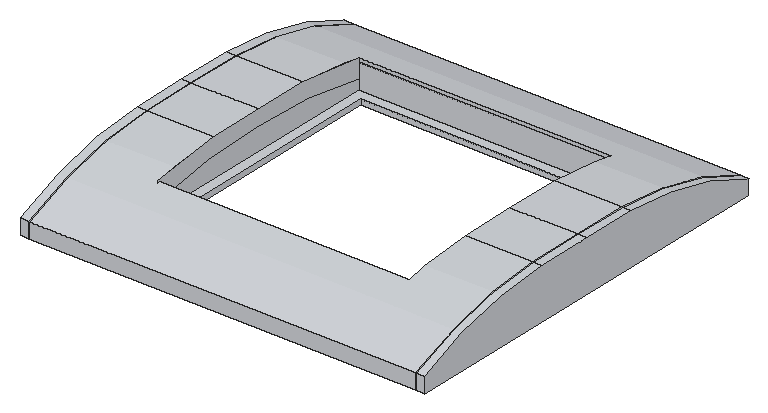
Revit family "Gira_0211808", category Electrical Fixtures, host Face, Revit 2017
Family settings
  Host = Face
  Maintain Annotation Orientation = No
  Round Connector Dimension = Use Diameter
  Part Type = Normal
  Cut with Voids When Loaded = No
  Shared = No
  Room Calculation Point = No
Parameters (values of type "Cov.fr. 1-g interm.fr. AN Gira Event p.white")
  With mounting grid = "No"
  With hinged lid = "No"
  URL = "http://katalog.gira.de/en/datenblatt.html?artikelnr=0211808"
  Type of fastening = "Clamp mounting"
  Transparent = "No"
  Surface protection = "Other"
  Suitable for wall duct = "No"
  Suitable for flush-mounted installation = "Yes"
  Suitable for floor box = "No"
  Suitable for built-in installation = "No"
  Number of units vertical = "1"
  Number of units horizontal = "1"
  Number of units = "1"
  Name = "Cov.fr. 1-g interm.fr. AN Gira Event p.white"
  Mounting direction = "Horizontal and vertical"
  Material quality = "Thermoplastic"
  Material = "Plastic"
  Manufacturer URL = "https://www.gira.de/"
  Manufacturer = "Gira"
  Label space/information surface = "No"
  Keynote = ""
  HeinzeBIM = "https://bimportal.heinze.de/bim/cov-fr-1-g-interm-fr-an-gira-event-p-white/d3f2b661c2df8e910b0d9f67c6a04d7685bf3feb"
  Halogen free = "Yes"
  HAN = "0211808"
  GTIN = "4010337070115"
  Description = "Cov.fr.1g i.fr.AN Event PW,Gira Event frames,pure white glossy with anthracite intermediate frame,1-gang,Features:,- Shatter-proof."
  Degree of protection (IP) = "IP20"
  Default Elevation = 1219.2 mm
  Data sheet (1) = "https://katalog.gira.de/en/download.html?artikelnr=0211808"
  Colour = "White"
  Category = "Cover frame for domestic switching devices"
  BIM (1) = "https://media.stage.bim.site/public/gira/36a6b08/Event_Rahmen_1fach.rfa"
  Available = "No"
Reference planes
  plane 1 "Center (Front/Back)": y = 0
  plane 2: z = 0
  plane 3 "Center (Left/Right)": x = 0
Forms (mm)
  Extrusion 1, solid, detail levels fine
    sketch origin (0, 0, 1.55) x (0, 1, 0) y (0, 0, 1)
      loop
        arc (12.445, 9.683) -> (6.223, 9.833) -> (0, 9.85) r 291.636
        arc (0, 9.85) -> (-6.223, 9.833) -> (-12.445, 9.683) r 291.636
        arc (-12.445, 9.683) -> (-29.14, 7.482) -> (-45, 1.823) r 79.728
        line (-45, 1.823) -> (-45, -1.55) -> (-41.777, -1.55) -> (-41.777, -0.55)
        arc (-41.777, -0.55) -> (-21.205, 4.846) -> (0, 6.467) r 118.15
        arc (0, 6.467) -> (21.205, 4.846) -> (41.777, -0.55) r 118.15
        line (41.777, -0.55) -> (41.777, -1.55) -> (45, -1.55) -> (45, 1.823)
        arc (45, 1.823) -> (29.14, 7.482) -> (12.445, 9.683) r 79.728
    from -43 to 43
  Extrusion 2, void, detail levels fine
    sketch origin (0, 0, 0) x (1, 0, 0) y (0, 1, 0)
      loop
        line (-28, -28) -> (28, -28) -> (28, 28) -> (-28, 28) -> (-28, -28)
    from 2.85 to 12
  Extrusion 3, solid, detail levels coarse
    sketch origin (0, 0, 0) x (1, 0, 0) y (0, 1, 0)
      loop
        line (-45, 45) -> (-45, -45) -> (45, -45) -> (45, 45) -> (-45, 45)
    from 0 to 11.4
  Extrusion 4, solid, detail levels medium
    sketch origin (0, 0, 1.55) x (0, 1, 0) y (0, 0, 1)
      loop
        arc (12.445, 9.683) -> (6.223, 9.833) -> (0, 9.85) r 291.636
        arc (0, 9.85) -> (-6.223, 9.833) -> (-12.445, 9.683) r 291.636
        arc (-12.445, 9.683) -> (-29.14, 7.482) -> (-45, 1.823) r 79.728
        line (-45, 1.823) -> (-45, -1.55) -> (45, -1.55) -> (45, 1.823)
        arc (45, 1.823) -> (29.14, 7.482) -> (12.445, 9.683) r 79.728
    from -45 to 45
  Extrusion 5, solid, detail levels fine
    sketch origin (0, 0, 0) x (0, 1, 0) y (0, 0, 1)
      loop
        arc (45, 3.373) -> (29.14, 9.032) -> (12.445, 11.233) r 79.728
        arc (12.445, 11.233) -> (6.223, 11.383) -> (0, 11.4) r 291.636
        arc (0, 11.4) -> (-6.223, 11.383) -> (-12.445, 11.233) r 291.636
        arc (-12.445, 11.233) -> (-29.14, 9.032) -> (-45, 3.373) r 79.728
        line (-45, 3.373) -> (-45, 0) -> (45, 0) -> (45, 3.373)
    from 43 to 45
  Extrusion 6, solid, detail levels fine
    sketch origin (0, 0, 0) x (0, 1, 0) y (0, 0, -1)
      loop
        line (45, -3.373) -> (45, 0) -> (-45, 0) -> (-45, -3.373)
        arc (-45, -3.373) -> (-29.14, -9.032) -> (-12.445, -11.233) r 79.728
        arc (-12.445, -11.233) -> (-6.223, -11.383) -> (0, -11.4) r 291.636
        arc (0, -11.4) -> (6.223, -11.383) -> (12.445, -11.233) r 291.636
        arc (12.445, -11.233) -> (29.14, -9.032) -> (45, -3.373) r 79.728
    from 43 to 45
  Extrusion 7, solid, detail levels fine
    sketch origin (0, 0, 0) x (1, 0, 0) y (0, 1, 0)
      loop
        line (-25.7, 25.7) -> (-25.7, -25.7) -> (25.7, -25.7) -> (25.7, 25.7) -> (-25.7, 25.7)
      loop
        line (-29.495, 27.895) -> (-29.495, -27.895)
        spline (-29.495, -27.895) -> (-29.486, -28.025) -> (-29.461, -28.154) -> (-29.419, -28.278) -> (-29.361, -28.395) -> (-29.288, -28.504) -> (-29.202, -28.602) -> (-29.104, -28.688) -> (-28.995, -28.761) -> (-28.878, -28.819) -> (-28.754, -28.861) -> (-28.625, -28.886) -> (-28.495, -28.895)
        line (-28.495, -28.895) -> (28.495, -28.895)
        spline (28.495, -28.895) -> (28.625, -28.886) -> (28.754, -28.861) -> (28.878, -28.819) -> (28.995, -28.761) -> (29.104, -28.688) -> (29.202, -28.602) -> (29.288, -28.504) -> (29.361, -28.395) -> (29.419, -28.278) -> (29.461, -28.154) -> (29.486, -28.025) -> (29.495, -27.895)
        line (29.495, -27.895) -> (29.495, 27.895)
        spline (29.495, 27.895) -> (29.486, 28.025) -> (29.461, 28.154) -> (29.419, 28.278) -> (29.361, 28.395) -> (29.288, 28.504) -> (29.202, 28.602) -> (29.104, 28.688) -> (28.995, 28.761) -> (28.878, 28.819) -> (28.754, 28.861) -> (28.625, 28.886) -> (28.495, 28.895)
        line (28.495, 28.895) -> (-28.495, 28.895)
        spline (-28.495, 28.895) -> (-28.625, 28.886) -> (-28.754, 28.861) -> (-28.878, 28.819) -> (-28.995, 28.761) -> (-29.104, 28.688) -> (-29.202, 28.602) -> (-29.288, 28.504) -> (-29.361, 28.395) -> (-29.419, 28.278) -> (-29.461, 28.154) -> (-29.486, 28.025) -> (-29.495, 27.895)
    from 1.673 to 8.5
Cuts and joins
  Extrusion 2 cuts Extrusion 1
  Extrusion 2 cuts Extrusion 7
Dimensions and locks
  aligned and locked: plane 2 to host face
  aligned and locked: level to host face
